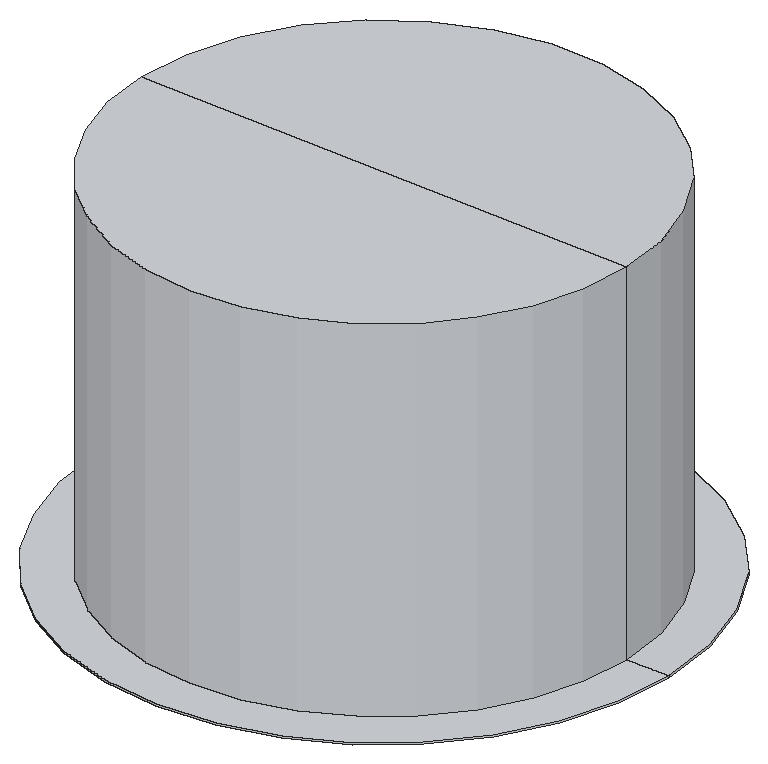
Revit family "95-8-7", category Electrical Fixtures, host Ceiling, Revit 2017
Family settings
  Host = Ceiling
  Maintain Annotation Orientation = No
  Round Connector Dimension = Use Diameter
  Part Type = Normal
  OmniClass Number = 23.80.00.00
  OmniClass Title = Electric Power and Lighting
  Always vertical = Yes
  Cut with Voids When Loaded = No
  Shared = No
  Room Calculation Point = No
Parameters
  URL = ""
  Model = "95-8-7"
  Manufacturer = "Atlas Sound"
  Description = "8\" Speaker Back Can"
Reference planes (in)
  plane 1 "Center (Front/Back)": y = 0
  plane 2 "Ceiling": z = 96
  plane 3 "Center (Left/Right)": x = 0
Forms (in)
  Revolve 1, solid
    sketch origin (0, 0, 95.965) x (1, 0, 0) y (0, 0, 1)
      loop
        line (0, 0) -> (5.875, 0) -> (5.875, 0.035) -> (5, 0.035) -> (5, 7.28283) -> (0, 7.28283) -> (0, 0)
      axis (0, 0) -> (0, 7.28283)
    angle from 0 to 360
  Extrusion 2, void
    sketch origin (0, 0, 95.965) x (1, 0, 0) y (0, 1, 0)
      loop
        circle (0, 0) r 4.94
    from -0.0625 to 7.19922
Cuts and joins
  Extrusion 2 cuts Revolve 1
Dimensions and locks (in)
  equal spacing: host sketch curve, plane 3 "Center (Left/Right)", host sketch curve
  equal spacing: host sketch curve, plane 1 "Center (Front/Back)", host sketch curve
  host sketch curve to host sketch curve = 10' - 0"  (x2)
Connectors (in)
  cabletrayconduit at (0, 0, 103.24783), diameter 0.75
    settings: on cut or joined group of Revolve 1, Extrusion 2, index 1, connector width 1' - 0", connector height 1' - 0", connector angle 0.00°, system type 32, placement type 0, profile type 0, connector reference index -1, is primary connector yes, connector utility param no, connector description ""
